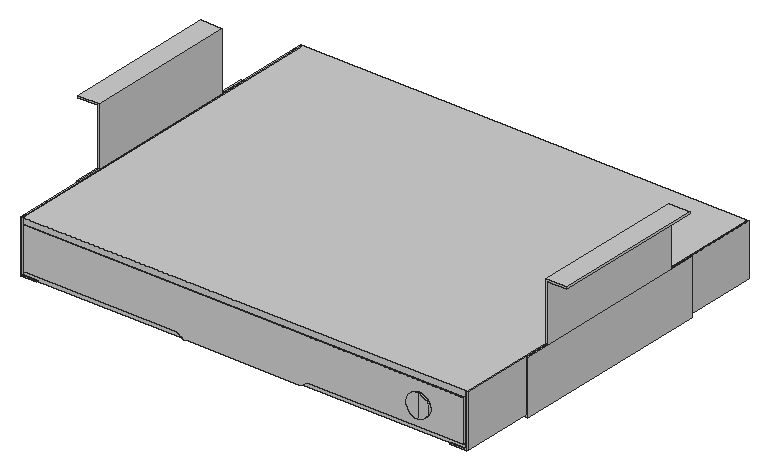
Revit family "Human_Solution-UPLIFT_Desk_Storage-STR008", category Furniture, Revit 2014
Parameters (values of type "Storage STR008")
  Width = 18.80413"
  Unit = HMS - Aluminum
  URL = "https://www.thehumansolution.com/"
  Type Comments = "Storage"  # constant formula
  Salvage or Reuse = yes
  Percentage of Recycled Content = 0
  Model = "STR008"
  Material = ""
  Manufacturer = "Human Solution"  # constant formula
  Low Emitting Material = yes
  Low Emitting Finish = yes
  Keynote = "12500"
  Height = 4.33071"
  Description = "Storage 18.25\"W 13.5\"D 4.5\"H"
  Depth = 13.50793"
  Assembly Code = "E2020200"
Reference planes (in)
  plane 1 "Center Front/Back": y = 2.76295
  plane 2: z = 0
  plane 3 "Center Left/Right": x = 0
  plane 4: x = -9.40207
  plane 5: x = 9.40207
  plane 6: z = 4.33071
  plane 7: y = -10.74498
  plane 8: y = -3.99102
Forms (in)
  Sweep 1, solid, material "HMS - Aluminum" <- "Unit"
    path origin (0, 0, 0) x (1, 0, 0) y (0, 1, 0)
      loop
        line (0, -0.05614) -> (0, -7.93016)
    profile origin (0, -3.99315, 0) x (1, 0, 0) y (0, 0, 1)
      loop
        line (-8.6688, 2.08661) -> (-8.6688, 0) -> (-7.8814, 0) -> (-7.8814, 0.07874) -> (-8.59006, 0.07874) -> (-8.59006, 2.08661) -> (-8.6688, 2.08661)
      loop
        line (8.6934, 0) -> (8.6934, 2.08661) -> (8.61466, 2.08661) -> (8.61466, 0.07874) -> (7.906, 0.07874) -> (7.906, 0) -> (8.6934, 0)
  Sweep 2, solid, material "HMS - Aluminum" <- "Unit"
    path origin (0, 0, 0) x (1, 0, 0) y (0, 1, 0)
      loop
        line (0, 2.71531) -> (0, -10.74925)
    profile origin (0, -4.01697, 0) x (1, 0, 0) y (0, 0, 1)
      loop
        line (-7.95226, 0.12598) -> (-8.54282, 0.12598) -> (-8.54282, 2.08661) -> (-8.59006, 2.08661) -> (-8.59006, 0.07874) -> (-7.95226, 0.07874) -> (-7.95226, 0.12598)
      loop
        line (7.95226, 0.12598) -> (7.95226, 0.07874) -> (8.59006, 0.07874) -> (8.59006, 2.08661) -> (8.54282, 2.08661) -> (8.54282, 0.12598) -> (7.95226, 0.12598)
  Sweep 3, solid, material "HMS - Aluminum" <- "Unit"
    path origin (0, 0, 0) x (1, 0, 0) y (0, 1, 0)
      loop
        line (0, 2.76295) -> (0, -10.70201)
    profile origin (0, -3.96953, 0) x (1, 0, 0) y (0, 0, 1)
      loop
        line (8.61466, 2.08661) -> (-8.59006, 2.08661) -> (-8.59006, 0.07874) -> (8.61466, 0.07874) -> (8.61466, 2.08661)
  Extrusion 4, solid, material "HMS - Aluminum" <- "Unit"
    sketch origin (0, 2.76295, 0) x (1, 0, 0) y (0, 0, 1)
      loop
        line (2.53906, 0.25591) -> (8.45718, 0.25591)
        arc (8.45718, 0.25591) -> (8.4711, 0.26167) -> (8.47687, 0.27559) r 0.01969
        line (8.47687, 0.27559) -> (8.47687, 1.86614) -> (-8.45226, 1.86614) -> (-8.45226, 0.27559)
        arc (-8.45226, 0.27559) -> (-8.4465, 0.26167) -> (-8.43258, 0.25591) r 0.01969
        line (-8.43258, 0.25591) -> (-2.64518, 0.25591)
        arc (-2.64518, 0.25591) -> (-2.53082, 0.23286) -> (-2.43431, 0.16732) r 0.29528
        arc (-2.43431, 0.16732) -> (-2.3378, 0.10179) -> (-2.22344, 0.07874) r 0.29528
        line (-2.22344, 0.07874) -> (2.11732, 0.07874)
        arc (2.11732, 0.07874) -> (2.23168, 0.10179) -> (2.32819, 0.16732) r 0.29528
        arc (2.32819, 0.16732) -> (2.4247, 0.23286) -> (2.53906, 0.25591) r 0.29528
    from 13.46496 to 13.5122
  Sweep 5, solid, material "HMS - Aluminum" <- "Unit"
    path origin (0, 0, 0) x (1, 0, 0) y (0, 1, 0)
      loop
        line (-8.98376, -1.0404) -> (-8.98376, -6.94591)
    profile origin (-8.98376, -3.99315, 0) x (1, 0, 0) y (0, 0, 1)
      loop
        line (-0.4183, 4.25197) -> (0.31496, 4.25197) -> (0.31496, 2.08661) -> (0.3937, 2.08661) -> (0.3937, 4.33071) -> (-0.4183, 4.33071) -> (-0.4183, 4.25197)
      loop
        line (18.38583, 4.25197) -> (18.38583, 4.33071) -> (17.57382, 4.33071) -> (17.57382, 2.08661) -> (17.65256, 2.08661) -> (17.65256, 4.25197) -> (18.38583, 4.25197)
  Revolve 6, solid, material "HMS - Aluminum" <- "Unit"
    sketch origin (6.75, 0, 0) x (0, 1, 0) y (0, 0, 1)
      loop
        line (-10.80925, 1.44882) -> (-10.80925, 1.00382) -> (-10.74498, 1.00382) -> (-10.74498, 1.44882) -> (-10.80925, 1.44882)
      axis (-10.74498, 1.00382) -> (-10.80925, 1.00382)
    angle from 0 to 360
Lines and regions (in)
  symbolic lines
    curve 1: line (-8.59006, 2.76295, 0) -> (8.61466, 2.76295, 0)
    curve 2: line (-8.59006, -10.74498, 0) -> (-8.59006, 2.76295, 0)
    curve 3: line (8.61466, -10.74498, 0) -> (-8.59006, -10.74498, 0)
    curve 4: line (8.61466, 2.76295, 0) -> (8.61466, -10.74498, 0)
    curve 5: line (-8.59006, -1.0404, 0) -> (-9.40207, -1.0404, 0)
    curve 6: line (-9.40207, -6.94591, 0) -> (-8.59006, -6.94591, 0)
    curve 7: line (-9.40207, -1.0404, 0) -> (-9.40207, -6.94591, 0)
    curve 8: line (9.40207, -6.94591, 0) -> (9.40207, -1.0404, 0)
    curve 9: line (9.40207, -1.0404, 0) -> (8.61466, -1.0404, 0)
    curve 10: line (9.40207, -6.94591, 0) -> (8.61466, -6.94591, 0)
Dimensions and locks (in)
  "Width": plane 4 to plane 5
  "Height": plane 6 to plane 2
  "Depth": plane 7 to plane 1 "Center Front/Back"
  equal spacing: plane 4, plane 3 "Center Left/Right", plane 5
  equal spacing: plane 7, plane 8, plane 1 "Center Front/Back"
  aligned and locked: level to plane 2
  aligned and locked: Sweep 1 sketch curve to plane 3 "Center Left/Right"
  aligned and locked: Sweep 3 sketch curve to plane 3 "Center Left/Right"
  aligned and locked: curve 2 to Sweep 3
  aligned and locked: plane 1 "Center Front/Back" to Sweep 3
  aligned and locked: plane 7 to curve 3
  aligned and locked: curve 4 to Sweep 3
  aligned and locked: curve 6 to Sweep 5
  aligned and locked: curve 7 to Sweep 5
  aligned and locked: curve 8 to Sweep 5
Automatic sketch dimensions
  plane 1 "Center Front/Back" to Sweep 1 sketch curve = 2.81909"
  plane 7 to Sweep 1 sketch curve = 2.81482"
  Sweep 1 sketch curve to level = 0"  (x2)
  level to Sweep 1 sketch curve = 2.08661"
  profile plane to Sweep 1 sketch curve = 8.6688"
  Sweep 1 sketch curve to Sweep 1 sketch curve = 0.07874"  (x3)
  Sweep 1 sketch curve to Sweep 1 sketch curve = 0.70866"  (x2)
  Sweep 1 sketch curve to profile plane = 7.906"
  level to Sweep 1 sketch curve = 0.07874"
  Sweep 1 sketch curve to Sweep 1 sketch curve = 2.00787"
  level to Sweep 2 sketch curve = 2.08661"
  profile plane to Sweep 2 sketch curve = 8.59006"
  Sweep 2 sketch curve to Sweep 2 sketch curve = 0.04724"  (x4)
  level to Sweep 2 sketch curve = 0.07874"
  Sweep 2 sketch curve to Sweep 2 sketch curve = 0.59055"  (x2)
  level to Sweep 2 sketch curve = 0.12598"
  Sweep 2 sketch curve to profile plane = 7.95226"
  Sweep 2 sketch curve to Sweep 2 sketch curve = 1.96063"
  level to Sweep 3 sketch curve = 2.08661"
  profile plane to Sweep 3 sketch curve = 8.59006"
  Sweep 3 sketch curve to profile plane = 8.61466"
  level to Sweep 3 sketch curve = 0.07874"
  plane 1 "Center Front/Back" to Sweep 3 sketch curve = 0"
  plane 7 to Sweep 3 sketch curve = 11/256"
  plane 4 to Extrusion 4 sketch curve = 0.9498"
  Extrusion 4 sketch curve to Extrusion 4 sketch curve = 0.01969"  (x2)
  Extrusion 4 sketch curve to level = 0.03937"  (x2)
  Extrusion 4 sketch curve to plane 3 "Center Left/Right" = 2.64518"
  Extrusion 4 sketch curve to Extrusion 4 sketch curve = 0.42174"  (x2)
  level to Extrusion 4 sketch curve = 0.37402"
  plane 3 "Center Left/Right" to Extrusion 4 sketch curve = 2.11732"
  level to Extrusion 4 sketch curve = 0.27559"
  Extrusion 4 sketch curve to plane 5 = 0.94488"
  level to Extrusion 4 sketch curve = 0.07874"
  level to Extrusion 4 sketch curve = 0.25591"
  Extrusion 4 sketch curve to Extrusion 4 sketch curve = 0.29528"
  Extrusion 4 sketch curve to Extrusion 4 sketch curve = 1.59055"
  plane 4 to Sweep 5 sketch curve = 0.4183"
  Sweep 5 sketch curve to plane 8 = 2.95489"
  plane 8 to Sweep 5 sketch curve = 2.95062"
  profile plane to Sweep 5 sketch curve = 0.4183"
  Sweep 5 sketch curve to profile plane = 0.31496"
  Sweep 5 sketch curve to Sweep 5 sketch curve = 0.07874"  (x4)
  level to Sweep 5 sketch curve = 2.08661"  (x2)
  Sweep 5 sketch curve to Sweep 5 sketch curve = 17.18012"
  Sweep 5 sketch curve to Sweep 5 sketch curve = 0.73327"
  Sweep 5 sketch curve to Sweep 5 sketch curve = 2.16535"  (x2)
  Revolve 6 sketch curve to plane 7 = 0"
  Revolve 6 sketch curve to plane 7 = 0.06427"
  level to Revolve 6 sketch curve = 1.00382"
  Revolve 6 sketch curve to Revolve 6 sketch curve = 0.445"
  Revolve 6 sketch curve to plane 7 = 0.03214"
  Revolve 6 sketch curve to Revolve 6 sketch curve = 0.06159"
  Revolve 6 sketch curve to Revolve 6 sketch curve = 0"
  plane 1 "Center Front/Back" to curve 4 = 0"
  plane 8 to curve 5 = 2.95062"
  plane 8 to curve 9 = 2.95062"
  curve 8 to plane 8 = 2.95489"
